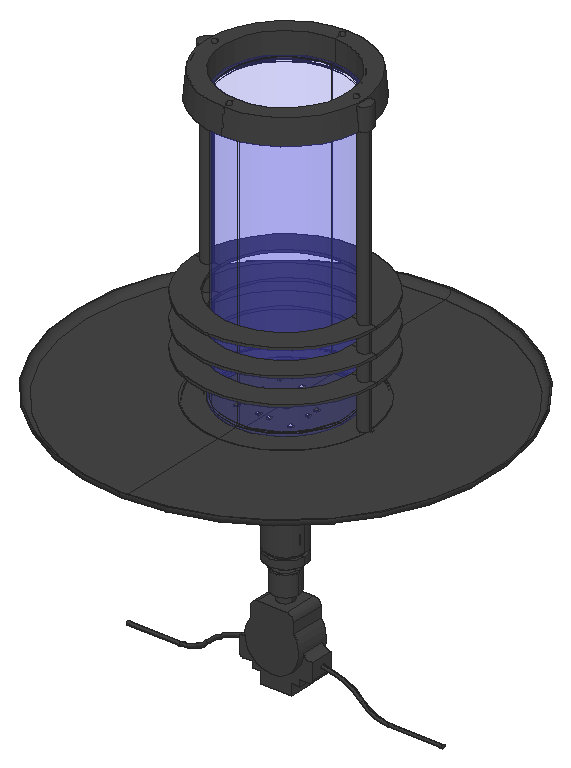
Revit family "Lighting - Current - Slide Catenary1", category Lighting Fixtures, host Face, Revit 2019
Family settings
  Host = Face
  Round Connector Dimension = Use Diameter
  Part Type = Normal
  OmniClass Number = 23.80.70.14
  OmniClass Title = Luminaries for External Lighting
  Cut with Voids When Loaded = No
  Light Source = Yes
  Shared = No
  Room Calculation Point = No
Parameters (values of type "Lighting - Current - Slide Catenary")
  Wattage Comments = "25-112 W"  # constant formula
  Wattage = 9.2903 W
  built-in parameter 1150110 = 1 (stored number, unit not read)
  Voltage Comments = "120-277V"  # constant formula
  Voltage = 277 V
  URL = "https://www.currentlighting.com/aal"
  Type Comments = "Light Fixture"
  built-in parameter 1114217 = 1 (stored number, unit not read)
  Tilt Angle = 0.00°
  built-in parameter 1150109 = 1 (stored number, unit not read)
  built-in parameter 1150134 = 3
  built-in parameter 1150113 = 1 (stored number, unit not read)
  Shade- Straight (STS) [instance] = no
  Product Page URL = "https://www.currentlighting.com/outdoor-lighting/slide-catenary/419896"
  Product Documentation Link = "https://cdn.currentlighting.com/site/specsheet/aal_sld_catenary_spec.pdf"
  Power Factor = 0.9  # constant formula
  Photometry Note = "Please load ies file listed under Photometric Web File for accurate rendering."  # constant formula
  Photometric Web File = "SLD2-CM-4S-NL-80L-90-5K7-5QW-XXX.ies"
  Mounting = "Please Refer to the Product Spec Sheet for Mounting Options"  # constant formula
  Model = "Slide - Catenary"  # constant formula
  Manufacturer Email = "https://www.currentlighting.com/contact-us"
  Manufacturer Address = "701 Millenium Blvd,Greenville, SC"  # constant formula
  Manufacturer = "Current Lighting"  # constant formula
  built-in parameter 1150105 = 109.82 (stored number, unit not read)
  Lumens = 1380 lm
  built-in parameter 1150115 = 1 (stored number, unit not read)
  Load Classification = Lighting
  built-in parameter 1150137 = (empty or 0)
  built-in parameter 1150139 = (empty or 0)
  Lens Material = Glass - Current - Transparent
  Lens = yes
  built-in parameter 1150112 = 1 (stored number, unit not read)
  built-in parameter 1150114 = 1 (stored number, unit not read)
  Lamp = "LED"  # constant formula
  LED = LED - Current -  Yellow
  Installation and Service URL = "https://cdn.currentlighting.com/site/installationmanuals/aal_slide_ins.pdf"
  built-in parameter 1150132 = (empty or 0)
  built-in parameter 1150102 = (empty or 0)
  built-in parameter 1150107 = 3200 (stored number, unit not read)
  built-in parameter 1150138 = (empty or 0)
  built-in parameter 1150106 = 1.0982 (stored number, unit not read)
  Housing Material = Paint - Current - Black
  Shade- Flat (FTS) [instance] = yes
  Features = "Catenary luminiare perfect for plazas, common areas, and walkways\r\n3 different shade options (flat, straight, or curve) as well as the ability to have no shade without affecting the performance\r\nA set of three rings can be included on any luminaire configuration to add visual interest or block direct view of LEDs\r\nChoice of 2 or 4 struts to customize based on the application preference\r\nSlide has been designed to offer configurations with or without a lens."  # constant formula
  built-in parameter 1150104 = 13.8 (stored number, unit not read)
  Distribution Patterns = ""
  Dimming Lamp Color Temperature Shift = <None>
  Dimmimng Protocol = "0-10V, 10%-100%, Dusk to Dawn, Scheduling"  # constant formula
  Description = "Slide catenary mount is the perfect solution for tighter spaces that doesnt allow for individual poles. The Slide can utilize a catenary mount in these applications while still adding great performance and a decorative appeal."  # constant formula
  Default Elevation = 48.000"
  Decorative Rings [instance] = yes
  Shade- Curve (CTS) [instance] = no
  Copyright = "COPYRIGHT © 2022 HLI SOLUTIONS, INC."  # constant formula
  Controller = "Please Refer to the Product Spec Sheet for Control Options"  # constant formula
  Contact Us = "https://www.currentlighting.com/contact-us"
  Color Rendering Index = ""
  Color Filter = 16777215
  built-in parameter 1114218 = 1 (stored number, unit not read)
  built-in parameter 1150133 = 10 (stored number, unit not read)
  Assembly Code = "D5020200"
  Apparent Load = Wattage  # 9.2903 W
  4 Strut [instance] = not([2 Strut])  # no
  2 Strut [instance] = yes
Reference planes (in)
  plane 1 "Center (Front/Back)": y = 0
  plane 2: z = 0
  plane 3 "Center (Left/Right)": x = 0
  plane 4: x = -0.45
  plane 5: x = 0.45
  plane 6: x = -0.57
  plane 7: x = 0.57
  plane 8: z = 0.24
  plane 9: z = -0.76
  plane 10: z = -0.63
  plane 11: x = -0.3
  plane 12: x = 0.3
  plane 13: x = -1
  plane 14: x = 1
  plane 15: z = 0.77
  plane 16: z = 1.15
  plane 17: x = -1.55
  plane 18: x = 1.55
  plane 19: x = -2.11
  plane 20: x = -2.36
  plane 21: z = 1.4
  plane 22: x = 2.11
  plane 23: x = 2.36
  plane 24: z = 2.75
  plane 25: x = 1.75
  plane 26: x = -1.75
  plane 27: z = 2.4
  plane 28: x = 1
  plane 29: x = 2.11
  plane 30: x = 2.36
  plane 31: z = 1.1
  plane 32: y = 0.75
  plane 33: y = -0.75
  plane 34: z = 3.9
  plane 35: z = 4.55
  plane 36: z = 5
  plane 37: x = -1.4
  plane 38: x = 1.4
  plane 39: x = -0.95
  plane 40: x = 0.95
  plane 41: z = 2.85
  plane 42: y = 1.1
  plane 43: y = -1.1
  plane 44: x = -10.25
  plane 45: x = 10.25
  plane 46: x = -5
  plane 47: x = -7
  plane 48: z = 0.75
  plane 49: x = 5
  plane 50: x = 7
  plane 51: x = -0.5
  plane 52: z = 5.5
  plane 53: z = 6.9
  plane 54: x = -0.875
  plane 55: z = 7.4
  plane 56: z = 10.9
  plane 57: x = -1.25
  plane 58: z = 5.55
  plane 59: x = -0.55
  plane 60: z = 6.85
  plane 61: x = -0.825
  plane 62: z = 7.88268
  plane 63: x = -1.05
  plane 64: z = 8.08268
  plane 65: x = -0.75
  plane 66: z = 8.2
  plane 67: z = 16.83
Forms (in)
  Extrusion 1, solid, material "Paint - Current - Black" <- "Housing Material"
    sketch origin (0, 0, 0) x (1, 0, 0) y (0, 0, 1)
      loop
        line (-0.3, -0.76) -> (0.3, -0.76)
        arc (0.3, -0.76) -> (0.39925, -0.72298) -> (0.45, -0.63) r 0.15154
        line (0.45, -0.63) -> (0.45, 0) -> (1, 0) -> (1, 0.77) -> (1.55, 0.77) -> (1.55, 1.15) -> (2.11, 1.15)
        arc (2.11, 1.15) -> (2.28678, 1.22322) -> (2.36, 1.4) r 0.25
        line (2.36, 1.4) -> (2.36, 2.4)
        arc (2.36, 2.4) -> (2.0097, 2.49605) -> (1.75, 2.75) r 0.72472
        arc (1.75, 2.75) -> (1.20338, 1.57672) -> (0, 1.1) r 1.75
        arc (0, 1.1) -> (-1.20338, 1.57672) -> (-1.75, 2.75) r 1.75
        arc (-1.75, 2.75) -> (-2.0097, 2.49605) -> (-2.36, 2.4) r 0.72472
        line (-2.36, 2.4) -> (-2.36, 1.4)
        arc (-2.36, 1.4) -> (-2.28678, 1.22322) -> (-2.11, 1.15) r 0.25
        line (-2.11, 1.15) -> (-1.55, 1.15) -> (-1.55, 0.77) -> (-1, 0.77) -> (-1, 0) -> (-0.45, 0) -> (-0.45, -0.63)
        arc (-0.45, -0.63) -> (-0.39925, -0.72298) -> (-0.3, -0.76) r 0.15154
    from -0.75 to 0.75
  Extrusion 2, solid, material "Paint - Current - Black" <- "Housing Material"
    sketch origin (0, 0, 0) x (1, 0, 0) y (0, 0, 1)
      loop
        arc (-1.4, 3.9) -> (0, 1.1) -> (1.4, 3.9) r 1.75
        line (1.4, 3.9) -> (1.4, 4.55)
        arc (1.4, 4.55) -> (1.2682, 4.8682) -> (0.95, 5) r 0.45
        line (0.95, 5) -> (-0.95, 5)
        arc (-0.95, 5) -> (-1.2682, 4.8682) -> (-1.4, 4.55) r 0.45
        line (-1.4, 4.55) -> (-1.4, 3.9)
    from -1.1 to 1.1
  Extrusion 3, void
    sketch origin (0, 0, 0) x (1, 0, 0) y (0, 1, 0)
      loop
        line (-0.45, 0.75) -> (-0.45, -0.75) -> (0.45, -0.75) -> (0.45, 0.75) -> (-0.45, 0.75)
    from -0.76 to 0
  Sweep 4, solid, material "Paint - Current - Black" <- "Housing Material"
    path origin (0, 0, 0) x (1, 0, 0) y (0, 0, 1)
      loop
        line (10.25, 0) -> (6.76689, 0)
        arc (6.76689, 0) -> (5.80957, 0.20097) -> (5, 0.75) r 2.53057
        arc (5, 0.75) -> (3.79046, 1.57859) -> (2.36, 1.9) r 3.88558
        line (2.36, 1.9) -> (-2.36, 1.9)
        arc (-2.36, 1.9) -> (-3.79046, 1.57859) -> (-5, 0.75) r 3.88558
        arc (-5, 0.75) -> (-5.80957, 0.20097) -> (-6.76689, 0) r 2.53057
        line (-6.76689, 0) -> (-10.25, 0)
    profile origin (-3.79046, 0, 1.57859) x (0.399361, 0, -0.916794) y (0, -1, 0)
      loop
        circle (0, 0) r 0.1
  Revolve 5, solid, material "Paint - Current - Black" <- "Housing Material"
    sketch origin (0, 0, 0) x (1, 0, 0) y (0, 0, 1)
      loop
        line (-0.5, 5) -> (0, 5) -> (0, 8.2) -> (-0.75, 8.2) -> (-0.75, 10.9) -> (-1.25, 10.9) -> (-1.25, 8.08268) -> (-1.05, 7.88268) -> (-1.25, 7.88268) -> (-1.25, 7.4) -> (-0.45, 7.4) -> (-0.45, 6.9) -> (-0.825, 6.9)
        arc (-0.825, 6.9) -> (-0.86036, 6.88536) -> (-0.875, 6.85) r 0.05
        line (-0.875, 6.85) -> (-0.875, 5.55) -> (-0.55, 5.55)
        arc (-0.55, 5.55) -> (-0.51464, 5.53536) -> (-0.5, 5.5) r 0.05
        line (-0.5, 5.5) -> (-0.5, 5)
      axis (0, 10.9) -> (0, 5)
    angle from 0 to 360
Cuts and joins
  Extrusion 3 cuts Extrusion 1
  Extrusion 3 cuts Extrusion 2
Dimensions and locks (in)
  equal spacing: plane 5, plane 3 "Center (Left/Right)", plane 4
  locked: plane 5 to plane 4 at 0.9
  equal spacing: plane 7, plane 3 "Center (Left/Right)", plane 6
  locked: plane 7 to plane 6 at 1.14
  locked: plane 8 to host face at 0.24
  locked: host face to plane 9 at 0.76
  locked: host face to plane 10 at 0.63
  equal spacing: plane 12, plane 3 "Center (Left/Right)", plane 11
  locked: plane 12 to plane 11 at 0.6
  equal spacing: plane 14, plane 3 "Center (Left/Right)", plane 13
  locked: plane 14 to plane 13 at 2
  locked: plane 15 to host face at 0.77
  locked: plane 16 to plane 15 at 0.38
  equal spacing: plane 18, plane 3 "Center (Left/Right)", plane 17
  locked: plane 18 to plane 17 at 3.1
  locked: plane 21 to plane 16 at 0.25
  locked: plane 19 to plane 20 at 0.25
  locked: plane 17 to plane 19 at 0.56
  locked: plane 23 to plane 22 at 0.25
  locked: plane 22 to plane 18 at 0.56
  locked: plane 24 to host face at 2.75
  locked: plane 25 to plane 3 "Center (Left/Right)" at 1.75
  locked: plane 3 "Center (Left/Right)" to plane 26 at 1.75
  locked: plane 27 to host face at 2.4
  locked: plane 31 to host face at 1.1
  equal spacing: plane 32, plane 1 "Center (Front/Back)", plane 33
  locked: plane 32 to plane 33 at 1.5
  locked: plane 36 to host face at 5
  locked: plane 35 to host face at 4.55
  locked: plane 34 to host face at 3.9
  equal spacing: plane 38, plane 3 "Center (Left/Right)", plane 37
  locked: plane 38 to plane 37 at 2.8
  equal spacing: plane 40, plane 3 "Center (Left/Right)", plane 39
  locked: plane 40 to plane 39 at 1.9
  locked: plane 34 to plane 41 at 1.05
  equal spacing: plane 42, plane 1 "Center (Front/Back)", plane 43
  locked: plane 42 to plane 43 at 2.2
  equal spacing: plane 45, plane 3 "Center (Left/Right)", plane 44
  locked: plane 45 to plane 44 at 20.5
  locked: plane 48 to host face at 0.75
  plane 50 to plane 47 = 14.000"
  equal spacing: plane 47, plane 3 "Center (Left/Right)", plane 50
  equal spacing: plane 49, plane 3 "Center (Left/Right)", plane 46
  locked: plane 49 to plane 46 at 10
  locked: plane 3 "Center (Left/Right)" to plane 57 at 1.25
  locked: plane 3 "Center (Left/Right)" to plane 54 at 0.875
  locked: plane 3 "Center (Left/Right)" to plane 51 at 0.5
  locked: plane 52 to host face at 5.5
  locked: plane 53 to host face at 6.9
  locked: plane 56 to host face at 10.9
  locked: plane 58 to plane 52 at 0.05
  locked: plane 51 to plane 59 at 0.05
  locked: plane 53 to plane 60 at 0.05
  locked: plane 61 to plane 54 at 0.05
  locked: plane 64 to plane 62 at 0.2
  locked: plane 63 to plane 57 at 0.2
  locked: plane 3 "Center (Left/Right)" to plane 65 at 0.75
  locked: plane 56 to plane 66 at 2.7
  locked: plane 67 to host face at 16.83
  aligned and locked: plane 2 to host face
  aligned and locked: level to host face
  aligned and locked: Extrusion 1 sketch curve to plane 9
  aligned and locked: plane 12 to Extrusion 1 sketch curve
  aligned and locked: plane 10 to Extrusion 1 sketch curve  (x2)
  aligned and locked: plane 5 to Extrusion 1 sketch curve
  aligned and locked: plane 11 to Extrusion 1 sketch curve
  aligned and locked: plane 4 to Extrusion 1 sketch curve
  aligned and locked: Extrusion 1 sketch curve to plane 4
  aligned and locked: Extrusion 1 sketch curve to plane 5
  aligned and locked: host face to Extrusion 1 sketch curve
  aligned and locked: Extrusion 1 sketch curve to host face
  aligned and locked: plane 28 to Extrusion 1 sketch curve
  aligned and locked: plane 13 to Extrusion 1 sketch curve
  aligned and locked: plane 15 to Extrusion 1 sketch curve
  aligned and locked: Extrusion 1 sketch curve to plane 15
  aligned and locked: plane 18 to Extrusion 1 sketch curve
  aligned and locked: plane 17 to Extrusion 1 sketch curve
  aligned and locked: plane 16 to Extrusion 1 sketch curve  (x2)
  aligned and locked: Extrusion 1 sketch curve to plane 16
  aligned and locked: Extrusion 1 sketch curve to plane 30
  aligned and locked: plane 21 to Extrusion 1 sketch curve
  aligned and locked: plane 29 to Extrusion 1 sketch curve
  aligned and locked: plane 27 to Extrusion 1 sketch curve  (x2)
  aligned and locked: plane 26 to Extrusion 1 sketch curve
  aligned and locked: plane 20 to Extrusion 1 sketch curve  (x2)
  aligned and locked: plane 19 to Extrusion 1 sketch curve
  aligned and locked: plane 24 to Extrusion 1 sketch curve  (x2)
  aligned and locked: plane 25 to Extrusion 1 sketch curve
  aligned and locked: plane 3 "Center (Left/Right)" to Extrusion 1 sketch curve
  aligned and locked: plane 31 to Extrusion 1 sketch curve
  aligned and locked: Extrusion 1 to plane 32
  aligned and locked: plane 33 to Extrusion 1
  aligned and locked: plane 39 to Extrusion 2 sketch curve
  aligned and locked: plane 35 to Extrusion 2 sketch curve  (x2)
  aligned and locked: plane 37 to Extrusion 2 sketch curve  (x2)
  aligned and locked: Extrusion 2 sketch curve to plane 36
  aligned and locked: plane 38 to Extrusion 2 sketch curve  (x2)
  aligned and locked: plane 36 to Extrusion 2 sketch curve
  aligned and locked: plane 40 to Extrusion 2 sketch curve
  aligned and locked: plane 3 "Center (Left/Right)" to Extrusion 2 sketch curve
  aligned and locked: plane 41 to Extrusion 2 sketch curve
  aligned and locked: Extrusion 2 to plane 42
  aligned and locked: plane 43 to Extrusion 2
  aligned and locked: plane 4 to Extrusion 3 sketch curve
  aligned and locked: plane 32 to Extrusion 3 sketch curve
  aligned and locked: Extrusion 3 sketch curve to plane 5
  aligned and locked: Extrusion 3 sketch curve to plane 33
  aligned and locked: Extrusion 3 to Extrusion 1
  aligned and locked: level to Extrusion 3
  aligned and locked: plane 48 to Sweep 4 sketch curve  (x2)
  aligned and locked: plane 49 to Sweep 4 sketch curve
  aligned and locked: plane 46 to Sweep 4 sketch curve
  aligned and locked: host face to Sweep 4 sketch curve  (x2)
  aligned and locked: plane 45 to Sweep 4 sketch curve
  aligned and locked: plane 44 to Sweep 4 sketch curve
  aligned and locked: plane 51 to Revolve 5 sketch curve  (x2)
  aligned and locked: plane 59 to Revolve 5 sketch curve
  aligned and locked: plane 58 to Revolve 5 sketch curve
  aligned and locked: plane 52 to Revolve 5 sketch curve
  aligned and locked: plane 60 to Revolve 5 sketch curve
  aligned and locked: plane 61 to Revolve 5 sketch curve
  aligned and locked: plane 53 to Revolve 5 sketch curve
  aligned and locked: plane 54 to Revolve 5 sketch curve
  aligned and locked: plane 4 to Revolve 5 sketch curve
  aligned and locked: plane 55 to Revolve 5 sketch curve
  aligned and locked: Revolve 5 sketch curve to plane 62
  aligned and locked: plane 63 to Revolve 5 sketch curve
  aligned and locked: plane 64 to Revolve 5 sketch curve
  aligned and locked: plane 57 to Revolve 5 sketch curve  (x2)
  aligned and locked: Revolve 5 sketch curve to plane 56
  aligned and locked: Revolve 5 sketch curve to plane 65
  aligned and locked: Revolve 5 sketch curve to plane 3 "Center (Left/Right)"  (x2)
  aligned and locked: Revolve 5 sketch curve to plane 66
  aligned and locked: plane 3 "Center (Left/Right)" to imposter light
  aligned and locked: imposter light to plane 1 "Center (Front/Back)"
  aligned and locked: imposter light to plane 67
  aligned and locked: nested 1 to plane 1 "Center (Front/Back)"
  aligned and locked: nested 1 to imposter light
Automatic sketch dimensions
  host sketch curve to host sketch curve = 96.000"  (x2)
  Extrusion 1 sketch curve to plane 20 = 0.01037"
  Extrusion 1 sketch curve to plane 3 "Center (Left/Right)" = 0.00286"
  plane 3 "Center (Left/Right)" to Extrusion 1 sketch curve = 0.00286"
  plane 23 to Extrusion 1 sketch curve = 0.01037"
  Extrusion 2 sketch curve to plane 34 = 0.000"
  Sweep 4 sketch curve to plane 46 = 0.000"
  Sweep 4 sketch curve to plane 48 = 0.000"
  plane 47 to Sweep 4 sketch curve = 0.20165"
  plane 47 to Sweep 4 sketch curve = 0.23311"
  Sweep 4 sketch curve to plane 4 = 1.910"
  Sweep 4 sketch curve to plane 4 = 1.78872"
  plane 5 to Sweep 4 sketch curve = 1.78872"
  plane 5 to Sweep 4 sketch curve = 1.910"
  plane 50 to Sweep 4 sketch curve = 0.23311"
  Sweep 4 sketch curve to plane 1 "Center (Front/Back)" = 0.000"
  Sweep 4 sketch curve to profile plane = 0.000"
  Revolve 5 sketch curve to plane 57 = 0.000"
  Revolve 5 sketch curve to plane 56 = 0.000"
  Revolve 5 sketch curve to Revolve 5 sketch curve = 0.95266"
  Revolve 5 sketch curve to plane 52 = 0.500"
  radius of Sweep 4 sketch curve = 0.100"
Nested families (in)
  nested 1: "Lighting - Current - Slide" at (0, 0, 8.2) x (-1, 0, 0) z (0, 0, 1), 2 STRUT <- "2 Strut", 4 STRUT <- "4 Strut", 3 DECORATIVE RINGS <- "Decorative Rings", STRAIGHT (STS) <- "Shade- Straight (STS)", CURVE (CTS) <- "Shade- Curve (CTS)", Flat (FTS) <- "Shade- Flat (FTS)", type "Lighting - Current - Slide"
    with STRAIGHT (STS) no, Flat (FTS) yes, CURVE (CTS) no, 4 STRUT no, 3 DECORATIVE RINGS yes, 2 STRUT yes
Connectors (in)
  electrical at (0, 0, 11.4), driven by "Load Classification", driven by "Voltage", driven by "Apparent Load", driven by "Power Factor"
    settings: on nested 1, index 1, voltage 277 V, apparent load 9.2903 W, apparent load phase1 0 W, apparent load phase2 0 W, apparent load phase3 0 W, power factor 0.9, load classification "Lighting", number of poles 1, system type 30, power factor state 1, is connector primary yes, connector utility no, sub classification motor no, connector description ""
Definition of nested family "Lighting - Current - Slide"
  Parameters (values of type "Lighting - Current - Slide")
    STRAIGHT (STS) [instance] = yes
    Flat (FTS) [instance] = yes
    Lens Material = none
    Lens = yes
    LED = none
    Housing Material = none
    Default Elevation = 48.000"
    CURVE (CTS) [instance] = no
    B = 90.00°
    A = -90.00°
    4 STRUT [instance] = no
    3 DECORATIVE RINGS [instance] = yes
    2 STRUT [instance] = yes
  Reference planes (in)
    plane 1 "Center (Front/Back)": y = 0
    plane 2: z = 0
    plane 3 "Center (Left/Right)": x = 0
    plane 4: y = 0.7
    plane 5: z = 2.8
    plane 6: y = 0.75
    plane 7: y = 0.88
    plane 8: z = 2.93
    plane 9: y = 1.58
    plane 10: z = 3.2
    plane 11: y = 1.58967
    plane 12: y = 3.28967
    plane 13: z = 4.03
    plane 14: y = 3.88967
    plane 15: z = 6.38
    plane 16: y = 4.10967
    plane 17: y = 4.35967
    plane 18: z = 6.78
    plane 19: y = 5.25967
    plane 20: z = 7.48
    plane 21: y = 5.425
    plane 22: z = 8.48
    plane 23: y = 4
    plane 24: y = 4.1
    plane 25: y = 4.2
    plane 26: z = 8.28
    plane 27: z = 8.18
    plane 28: z = 8.38
    plane 29: y = 4.2
    plane 30: y = 4
    plane 31: y = 3.84872
    plane 32: z = 8.38
    plane 33: z = 8.28
    plane 34: z = 25.88
    plane 35: z = 8.63
    plane 36: y = 3.74872
    plane 37: y = 5.2
    plane 38: z = 27.75
    plane 39: z = 27.6
    plane 40: y = 5.05
    plane 41: z = 26
    plane 42: y = 4
    plane 43: z = 26.3
    plane 44: z = 26.2
    plane 45: z = 26.1
    plane 46: y = 4.1
    plane 47: y = 4
    plane 48: z = 26.1
    plane 49: z = 26.2
    plane 50: y = 4.15108
    plane 51: y = 4.6
    plane 52: y = 4.75
    plane 53: z = 8.08
    plane 54: y = 1.85
    plane 55: y = 1.65
    plane 56: y = 1.15
    plane 57: y = 0.95
    plane 58: y = 0.45
    plane 59: y = 0.25
    plane 60: y = -1.85
    plane 61: y = -1.65
    plane 62: y = -1.15
    plane 63: y = -0.95
    plane 64: y = -0.45
    plane 65: y = -0.25
    plane 66: x = -1.85
    plane 67: x = -1.65
    plane 68: x = -1.15
    plane 69: x = -0.95
    plane 70: x = -0.45
    plane 71: x = -0.25
    plane 72: x = 1.85
    plane 73: x = 1.65
    plane 74: x = 1.15
    plane 75: x = 0.95
    plane 76: x = 0.45
    plane 77: x = 0.25
    plane 78: z = 8.25
    plane 79: x = -5.625
    plane 80: z = 7.48
    plane 81: z = 7.66
    plane 82: x = -5.55
    plane 83: x = -5.25967
    plane 84: z = 8.44
    plane 85: x = -5.42334
    plane 86: y = 5.625
    plane 87: z = 26.05
    plane 88: z = 27.55
    plane 89: y = 5.05402
    plane 90: y = 5.19481
    plane 91: z = 27.45
    plane 92: x = -5.40307
    plane 93: y = 5.625
    plane 94: z = 7.48
    plane 95: z = 7.66
    plane 96: y = 5.55
    plane 97: y = 5.25967
    plane 98: z = 8.44
    plane 99: y = 5.42334
    plane 100: y = 5.40307
    plane 101: y = -5.625
    plane 102: z = 7.48
    plane 103: z = 7.66
    plane 104: y = -5.55
    plane 105: y = -5.25967
    plane 106: z = 8.44
    plane 107: y = -5.42334
    plane 108: y = -5.40307
    plane 109: x = 5.625
    plane 110: z = 7.48
    plane 111: z = 7.66
    plane 112: x = 5.55
    plane 113: x = 5.25967
    plane 114: z = 8.44
    plane 115: x = 5.42334
    plane 116: x = 5.40307
    plane 117: x = 5.625
    plane 118: z = 26.05
    plane 119: z = 27.55
    plane 120: x = 5.05402
    plane 121: x = 5.19481
    plane 122: z = 27.45
    plane 123: x = -5.625
    plane 124: z = 26.05
    plane 125: z = 27.55
    plane 126: x = -5.05402
    plane 127: x = -5.19481
    plane 128: z = 27.45
    plane 129: y = -5.625
    plane 130: z = 26.05
    plane 131: z = 27.55
    plane 132: y = -5.05402
    plane 133: y = -5.19481
    plane 134: z = 27.45
    plane 135: z = 26.82
    plane 136: x = 5.1
    plane 137: x = 5.4636
    plane 138: z = 26.82
    plane 139: y = -5.1
    plane 140: y = -5.4636
    plane 141: z = 26.82
    plane 142: y = 5.1
    plane 143: y = 5.4636
    plane 144: z = 26.82
    plane 145: x = -5.1
    plane 146: x = -5.4636
    plane 147: x = 5.1
    plane 148: z = 26.82
    plane 149: x = 5.4636
    plane 150: x = -5.1
    plane 151: z = 26.82
    plane 152: x = -5.4636
    plane 153: z = 11.25
    plane 154: z = 11.4
    plane 155: z = 12.9
    plane 156: z = 13.05
    plane 157: z = 14.55
    plane 158: z = 14.7
    plane 159: x = -4.3
    plane 160: x = -5.9
    plane 161: x = -13.5
    plane 162: z = 10.8
    plane 163: x = -13
    plane 164: z = 10.3
    plane 165: z = 9.8
    plane 166: z = 8.43
    plane 167: x = -5.3
    plane 168: x = -6
    plane 169: y = 13.5
    plane 170: y = 13
    plane 171: z = 10.29589
    plane 172: z = 10.8
    plane 173: z = 9.8
    plane 174: y = 6
    plane 175: z = 8.43
    plane 176: y = 5.29705
    plane 177: z = 8.43
    plane 178: y = -13.5
    plane 179: y = -5.3
    plane 180: y = -13
    plane 181: z = 8.93
  Forms (in)
    Extrusion 1, solid
      sketch origin (0, 0, 0) x (1, 0, 0) y (0, 1, 0)
        loop
          line (-48, 48) -> (-48, -48) -> (48, -48) -> (48, 48) -> (-48, 48)
      from 0 to -12
    Revolve 2, solid, material <- "Housing Material"
      sketch origin (0, 0, 0) x (0, 1, 0) y (0, 0, 1)
        loop
          line (0.75, 2.8) -> (0.88, 2.93) -> (1.58, 2.93) -> (1.58967, 3.2) -> (3.28967, 3.2) -> (3.28967, 4.03) -> (3.88967, 4.03) -> (4.10967, 6.38)
          arc (4.10967, 6.38) -> (4.18729, 6.60961) -> (4.35967, 6.78) r 0.52569
          arc (4.35967, 6.78) -> (4.82966, 7.1043) -> (5.25967, 7.48) r 5.00722
          line (5.25967, 7.48) -> (5.425, 8.48) -> (4, 8.48) -> (4, 8.38) -> (4.2, 8.38) -> (4.2, 8.28) -> (4, 8.28) -> (4, 8.18) -> (0, 8.18) -> (0, 8.08) -> (4.35967, 8.08) -> (4.35967, 8.38) -> (5.30711, 8.38) -> (5.16637, 7.52874)
          arc (5.16637, 7.52874) -> (4.75541, 7.17327) -> (4.30766, 6.86541) r 4.90722
          arc (4.30766, 6.86541) -> (4.10249, 6.66261) -> (4.0101, 6.38932) r 0.62569
          line (4.0101, 6.38932) -> (3.79859, 4.13) -> (3.18967, 4.13) -> (3.18967, 3.3) -> (1.49319, 3.3) -> (1.48352, 3.03) -> (0.83858, 3.03) -> (0.65, 2.84142) -> (0.65, 0.1) -> (0, 0.1) -> (0, 0) -> (0.75, 0) -> (0.75, 2.8)
        axis (0, 0) -> (0, 8.48)
      angle from 0 to 360
    Revolve 3, solid, material <- "Lens Material", visible <- "Lens"
      sketch origin (0, 0, 0) x (0, 1, 0) y (0, 0, 1)
        loop
          line (4.2, 8.28) -> (4.2, 8.38) -> (4, 8.38) -> (4, 8.63) -> (3.84872, 8.63) -> (3.84872, 25.88) -> (4, 25.88) -> (4, 26.1) -> (4.15108, 26.1) -> (4.15108, 26.2) -> (3.74872, 26.2) -> (3.74872, 8.28) -> (4.2, 8.28)
        axis (0, 8.28) -> (0, 26.2)
      angle from 0 to 360
    Revolve 4, solid, material <- "Housing Material"
      sketch origin (0, 0, 0) x (0, 1, 0) y (0, 0, 1)
        loop
          line (4.1, 27.5) -> (4.1, 26.3) -> (4.25, 26.3) -> (4.25, 26.1) -> (5.09019, 26.1) -> (4.95894, 27.5) -> (4.1, 27.5)
        loop
          line (4, 27.6) -> (4, 26.2) -> (4.15, 26.2) -> (4.15, 26.1) -> (4, 26.1) -> (4, 26) -> (5.2, 26) -> (5.05, 27.6) -> (4, 27.6)
        axis (0, 26) -> (0, 27.6)
      angle from 0 to 360
    Revolve 5, solid, material <- "Housing Material"
      sketch origin (0, 0, 0) x (0, 1, 0) y (0, 0, 1)
        loop
          arc (4.75, 27.6) -> (4.70607, 27.70607) -> (4.6, 27.75) r 0.15
          line (4.6, 27.75) -> (4.6, 27.6) -> (4.75, 27.6)
        axis (4.6, 27.6) -> (4.6, 27.75)
      angle from 0 to 360
    Revolve 6, solid, material <- "Housing Material"
      sketch origin (0, 0, 0) x (1, 0, 0) y (0, 0, 1)
        loop
          arc (4.75, 27.6) -> (4.70607, 27.70607) -> (4.6, 27.75) r 0.15
          line (4.6, 27.75) -> (4.6, 27.6) -> (4.75, 27.6)
        axis (4.6, 27.6) -> (4.6, 27.75)
      angle from 0 to 360
    Revolve 7, solid, material <- "Housing Material"
      sketch origin (0, 0, 0) x (-1, 0, 0) y (0, 0, 1)
        loop
          arc (4.75, 27.6) -> (4.70607, 27.70607) -> (4.6, 27.75) r 0.15
          line (4.6, 27.75) -> (4.6, 27.6) -> (4.75, 27.6)
        axis (4.6, 27.6) -> (4.6, 27.75)
      angle from 0 to 360
    Revolve 8, solid, material <- "Housing Material"
      sketch origin (0, 0, 0) x (0, -1, 0) y (0, 0, 1)
        loop
          arc (4.75, 27.6) -> (4.70607, 27.70607) -> (4.6, 27.75) r 0.15
          line (4.6, 27.75) -> (4.6, 27.6) -> (4.75, 27.6)
        axis (4.6, 27.6) -> (4.6, 27.75)
      angle from 0 to 360
    Extrusion 9, solid, material <- "LED"
      sketch origin (0, 0, 0) x (1, 0, 0) y (0, 1, 0)
        loop
          line (-1.85, 1.85) -> (-1.85, 1.65) -> (-1.65, 1.65) -> (-1.65, 1.85) -> (-1.85, 1.85)
        loop
          line (-0.45, 1.85) -> (-0.45, 1.65) -> (-0.25, 1.65) -> (-0.25, 1.85) -> (-0.45, 1.85)
        loop
          line (0.25, 1.85) -> (0.25, 1.65) -> (0.45, 1.65) -> (0.45, 1.85) -> (0.25, 1.85)
        loop
          line (1.65, 1.85) -> (1.65, 1.65) -> (1.85, 1.65) -> (1.85, 1.85) -> (1.65, 1.85)
        loop
          line (1.85, 0.25) -> (1.85, 0.45) -> (1.65, 0.45) -> (1.65, 0.25) -> (1.85, 0.25)
        loop
          line (1.85, -0.45) -> (1.85, -0.25) -> (1.65, -0.25) -> (1.65, -0.45) -> (1.85, -0.45)
        loop
          line (1.85, -1.85) -> (1.85, -1.65) -> (1.65, -1.65) -> (1.65, -1.85) -> (1.85, -1.85)
        loop
          line (0.45, -1.85) -> (0.45, -1.65) -> (0.25, -1.65) -> (0.25, -1.85) -> (0.45, -1.85)
        loop
          line (-0.25, -1.85) -> (-0.25, -1.65) -> (-0.45, -1.65) -> (-0.45, -1.85) -> (-0.25, -1.85)
        loop
          line (-1.65, -1.85) -> (-1.65, -1.65) -> (-1.85, -1.65) -> (-1.85, -1.85) -> (-1.65, -1.85)
        loop
          line (-1.85, -0.45) -> (-1.65, -0.45) -> (-1.65, -0.25) -> (-1.85, -0.25) -> (-1.85, -0.45)
        loop
          line (-1.65, 0.25) -> (-1.65, 0.45) -> (-1.85, 0.45) -> (-1.85, 0.25) -> (-1.65, 0.25)
        loop
          line (0.45, 0.45) -> (0.25, 0.45) -> (0.25, 0.25) -> (0.45, 0.25) -> (0.45, 0.45)
        loop
          line (-0.25, 0.25) -> (-0.25, 0.45) -> (-0.45, 0.45) -> (-0.45, 0.25) -> (-0.25, 0.25)
        loop
          line (-0.45, -0.25) -> (-0.45, -0.45) -> (-0.25, -0.45) -> (-0.25, -0.25) -> (-0.45, -0.25)
        loop
          line (0.25, -0.25) -> (0.25, -0.45) -> (0.45, -0.45) -> (0.45, -0.25) -> (0.25, -0.25)
      from 8.18 to 8.25
    Revolve 10, solid, material <- "Housing Material"
      sketch origin (0, 0, 0) x (-1, 0, 0) y (0, 0, 1)
        loop
          line (5.55, 7.66) -> (5.62134, 8.44) -> (5.40307, 8.44) -> (5.25868, 7.48006)
          arc (5.25868, 7.48006) -> (5.43301, 7.52361) -> (5.55, 7.66) r 0.29588
        axis (5.16637, 7.48006) -> (5.16637, 8.44)
      angle from 90 <- "B" to -90 <- "A"
    Revolve 11, solid, material <- "Housing Material", visible <- "4 STRUT"
      sketch origin (0, 0, 0) x (0, 1, 0) y (0, 0, 1)
        loop
          line (5.19481, 26.05) -> (5.625, 26.05) -> (5.625, 27.45)
          arc (5.625, 27.45) -> (5.34433, 27.52754) -> (5.05402, 27.55) r 1.51648
          line (5.05402, 27.55) -> (5.19481, 26.05)
        axis (5.05402, 27.55) -> (5.05402, 26.05)
      angle from 90 <- "B" to -90 <- "A"
    Revolve 12, solid, material <- "Housing Material", visible <- "4 STRUT"
      sketch origin (0, 0, 0) x (0, 1, 0) y (0, 0, 1)
        loop
          line (5.55, 7.66) -> (5.62134, 8.44) -> (5.40307, 8.44) -> (5.25868, 7.48006)
          arc (5.25868, 7.48006) -> (5.43301, 7.52361) -> (5.55, 7.66) r 0.29588
        axis (5.16637, 7.48006) -> (5.16637, 8.44)
      angle from 90 <- "B" to -90 <- "A"
    Revolve 13, solid, material <- "Housing Material", visible <- "4 STRUT"
      sketch origin (0, 0, 0) x (0, -1, 0) y (0, 0, 1)
        loop
          line (5.55, 7.66) -> (5.62134, 8.44) -> (5.40307, 8.44) -> (5.25868, 7.48006)
          arc (5.25868, 7.48006) -> (5.43301, 7.52361) -> (5.55, 7.66) r 0.29588
        axis (5.16637, 7.48006) -> (5.16637, 8.44)
      angle from 90 <- "B" to -90 <- "A"
    Revolve 14, solid, material <- "Housing Material"
      sketch origin (0, 0, 0) x (1, 0, 0) y (0, 0, 1)
        loop
          line (5.55, 7.66) -> (5.62134, 8.44) -> (5.40307, 8.44) -> (5.25868, 7.48006)
          arc (5.25868, 7.48006) -> (5.43301, 7.52361) -> (5.55, 7.66) r 0.29588
        axis (5.16637, 7.48006) -> (5.16637, 8.44)
      angle from 90 <- "B" to -90 <- "A"
    Revolve 15, solid, material <- "Housing Material"
      sketch origin (0, 0, 0) x (1, 0, 0) y (0, 0, 1)
        loop
          line (5.19481, 26.05) -> (5.625, 26.05) -> (5.625, 27.45)
          arc (5.625, 27.45) -> (5.34433, 27.52754) -> (5.05402, 27.55) r 1.51648
          line (5.05402, 27.55) -> (5.19481, 26.05)
        axis (5.05402, 27.55) -> (5.05402, 26.05)
      angle from 90 <- "B" to -90 <- "A"
    Revolve 16, solid, material <- "Housing Material"
      sketch origin (0, 0, 0) x (-1, 0, 0) y (0, 0, 1)
        loop
          line (5.19481, 26.05) -> (5.625, 26.05) -> (5.625, 27.45)
          arc (5.625, 27.45) -> (5.34433, 27.52754) -> (5.05402, 27.55) r 1.51648
          line (5.05402, 27.55) -> (5.19481, 26.05)
        axis (5.05402, 27.55) -> (5.05402, 26.05)
      angle from 90 <- "B" to -90 <- "A"
    Revolve 17, solid, material <- "Housing Material", visible <- "4 STRUT"
      sketch origin (0, 0, 0) x (0, -1, 0) y (0, 0, 1)
        loop
          line (5.19481, 26.05) -> (5.625, 26.05) -> (5.625, 27.45)
          arc (5.625, 27.45) -> (5.34433, 27.52754) -> (5.05402, 27.55) r 1.51648
          line (5.05402, 27.55) -> (5.19481, 26.05)
        axis (5.05402, 27.55) -> (5.05402, 26.05)
      angle from 90 <- "B" to -90 <- "A"
    Revolve 18, solid, material <- "Housing Material", visible <- "4 STRUT"
      sketch origin (0, 0, 0) x (1, 0, 0) y (0, 0, 1)
        loop
          line (5.1, 8.25) -> (5.4636, 8.25) -> (5.4636, 26.82) -> (5.1, 26.82) -> (5.1, 8.25)
        axis (5.1, 8.25) -> (5.1, 26.82)
      angle from 0 to 360
    Revolve 19, solid, material <- "Housing Material", visible <- "4 STRUT"
      sketch origin (0, 0, 0) x (0, -1, 0) y (0, 0, 1)
        loop
          line (5.1, 8.25) -> (5.4636, 8.25) -> (5.4636, 26.82) -> (5.1, 26.82) -> (5.1, 8.25)
        axis (5.1, 8.25) -> (5.1, 26.82)
      angle from 0 to 360
    Revolve 20, solid, material <- "Housing Material", visible <- "4 STRUT"
      sketch origin (0, 0, 0) x (0, 1, 0) y (0, 0, 1)
        loop
          line (5.1, 8.25) -> (5.4636, 8.25) -> (5.4636, 26.82) -> (5.1, 26.82) -> (5.1, 8.25)
        axis (5.1, 8.25) -> (5.1, 26.82)
      angle from 0 to 360
    Revolve 21, solid, material <- "Housing Material", visible <- "4 STRUT"
      sketch origin (0, 0, 0) x (-1, 0, 0) y (0, 0, 1)
        loop
          line (5.1, 8.25) -> (5.4636, 8.25) -> (5.4636, 26.82) -> (5.1, 26.82) -> (5.1, 8.25)
        axis (5.1, 8.25) -> (5.1, 26.82)
      angle from 0 to 360
    Revolve 22, solid, material <- "Housing Material", visible <- "2 STRUT"
      sketch origin (0, 0, 0) x (1, 0, 0) y (0, 0, 1)
        loop
          line (5.1, 26.82) -> (5.1, 8.25) -> (5.4636, 8.25) -> (5.4636, 26.82) -> (5.1, 26.82)
        axis (5.1, 8.25) -> (5.1, 26.82)
      angle from 0 to 360
    Revolve 23, solid, material <- "Housing Material", visible <- "2 STRUT"
      sketch origin (0, 0, 0) x (-1, 0, 0) y (0, 0, 1)
        loop
          line (5.1, 26.82) -> (5.1, 8.25) -> (5.4636, 8.25) -> (5.4636, 26.82) -> (5.1, 26.82)
        axis (5.1, 8.25) -> (5.1, 26.82)
      angle from 0 to 360
    Revolve 24, solid, material <- "Housing Material", visible <- "3 DECORATIVE RINGS"
      sketch origin (0, 0, 0) x (1, 0, 0) y (0, 0, 1)
        loop
          line (-4.3, 14.7) -> (-5.9, 14.7) -> (-5.9, 14.55) -> (-4.3, 14.55) -> (-4.3, 14.7)
        loop
          line (-4.3, 13.05) -> (-5.9, 13.05) -> (-5.9, 12.9) -> (-4.3, 12.9) -> (-4.3, 13.05)
        loop
          line (-4.3, 11.4) -> (-5.9, 11.4) -> (-5.9, 11.25) -> (-4.3, 11.25) -> (-4.3, 11.4)
        axis (0, 11.25) -> (0, 14.7)
      angle from 0 to 360
    Revolve 25, solid, material <- "Housing Material", visible <- "CURVE (CTS)"
      sketch origin (0, 0, 0) x (1, 0, 0) y (0, 0, 1)
        loop
          line (-13.5, 10.8) -> (-13.5, 10.3)
          arc (-13.5, 10.3) -> (-13.35355, 9.94645) -> (-13, 9.8) r 0.5
          arc (-13, 9.8) -> (-9.4336, 9.45428) -> (-6, 8.43) r 18.56821
          line (-6, 8.43) -> (-5.3, 8.43) -> (-5.3, 8.48) -> (-5.99022, 8.48)
          arc (-5.99022, 8.48) -> (-9.4288, 9.50429) -> (-13, 9.85) r 18.61821
          arc (-13, 9.85) -> (-13.3182, 9.9818) -> (-13.45, 10.3) r 0.45
          line (-13.45, 10.3) -> (-13.45, 10.8) -> (-13.5, 10.8)
        axis (0, 8.43) -> (0, 10.8)
      angle from 0 to 360
    Revolve 26, solid, material <- "Housing Material", visible <- "STRAIGHT (STS)"
      sketch origin (0, 0, 0) x (0, 1, 0) y (0, 0, 1)
        loop
          line (13.5, 10.8) -> (13.45, 10.8) -> (13.45, 10.30105)
          arc (13.45, 10.30105) -> (13.2881, 10.00601) -> (12.9904, 9.84907) r 0.58476
          line (12.9904, 9.84907) -> (5.99515, 8.48) -> (5.29705, 8.48) -> (5.29705, 8.43) -> (6, 8.43) -> (13, 9.8)
          arc (13, 9.8) -> (13.32507, 9.97225) -> (13.5, 10.29589) r 0.63476
          line (13.5, 10.29589) -> (13.5, 10.8)
        axis (0, 8.43) -> (0, 10.8)
      angle from 0 to 360
    Revolve 27, solid, material <- "Housing Material", visible <- "Flat (FTS)"
      sketch origin (0, 0, 0) x (0, 1, 0) y (0, 0, 1)
        loop
          arc (-13.5, 8.93) -> (-13.35355, 8.57645) -> (-13, 8.43) r 0.5
          line (-13, 8.43) -> (-5.3, 8.43) -> (-5.3, 8.48) -> (-13, 8.48)
          arc (-13, 8.48) -> (-13.3182, 8.6118) -> (-13.45, 8.93) r 0.45
          line (-13.45, 8.93) -> (-13.5, 8.93)
        axis (0, 8.43) -> (0, 8.93)
      angle from 0 to 360
  Dimensions and locks (in)
    locked: plane 1 "Center (Front/Back)" to plane 4 at 0.7
    locked: plane 5 to Extrusion 1 at 2.8
    locked: plane 4 to plane 6 at 0.05
    locked: plane 6 to plane 7 at 0.13
    locked: plane 8 to plane 5 at 0.13
    locked: plane 7 to plane 9 at 0.7
    locked: plane 10 to plane 8 at 0.27
    locked: plane 9 to plane 11 at 0.00967
    locked: plane 11 to plane 12 at 1.7
    locked: plane 13 to plane 10 at 0.83
    locked: plane 12 to plane 14 at 0.6
    locked: plane 15 to plane 13 at 2.35
    locked: plane 14 to plane 16 at 0.22
    locked: plane 16 to plane 17 at 0.25
    locked: plane 18 to plane 15 at 0.4
    locked: plane 20 to plane 18 at 0.7
    locked: plane 1 "Center (Front/Back)" to plane 23 at 4
    locked: Revolve 2 sketch curve to Revolve 2 sketch curve at 0.1  (x12)
    locked: plane 23 to plane 24 at 0.1
    locked: plane 24 to plane 25 at 0.1
    locked: plane 26 to plane 27 at 0.1
    locked: plane 22 to plane 26 at 0.2
    locked: plane 22 to plane 28 at 0.1
    locked: plane 33 to Extrusion 1 at 8.28
    locked: plane 32 to plane 33 at 0.1
    locked: plane 1 "Center (Front/Back)" to plane 31 at 3.84872
    locked: plane 31 to plane 30 at 0.15128
    locked: plane 30 to plane 29 at 0.2
    locked: plane 34 to Extrusion 1 at 25.88
    locked: plane 35 to plane 33 at 0.35
    locked: plane 36 to plane 31 at 0.1
    locked: plane 1 "Center (Front/Back)" to plane 37 at 5.2
    locked: plane 38 to level at 27.75
    locked: plane 38 to plane 39 at 0.15
    locked: plane 40 to plane 37 at 0.15
    locked: plane 1 "Center (Front/Back)" to plane 42 at 4
    locked: plane 43 to plane 41 at 0.3
    equal spacing: plane 43, plane 44, plane 45, plane 41, locked at 0.1 each
    plane 42 to plane 46 = 0.100"
    locked: plane 1 "Center (Front/Back)" to plane 47 at 4
    locked: Revolve 4 sketch curve to Revolve 4 sketch curve at 0.1  (x3)
    locked: plane 19 to plane 21 at 0.16533
    locked: plane 51 to plane 37 at 0.6
    locked: plane 51 to plane 52 at 0.15
    locked: plane 27 to plane 53 at 0.1
    plane 54 to plane 55 to plane 56 to plane 57 to plane 4 to plane 58 to plane 59 to plane 1 "Center (Front/Back)" to plane 65 to plane 64 to plane 63 to plane 62 to plane 61 to plane 60 = 0.200" locked, 0.500" locked, 0.200" locked, 0.250" locked, 0.250" locked, 0.200" locked, 0.250" locked, 0.250" locked, 0.200" locked, 0.500" locked, 0.200" locked, 0.500" locked, 0.200" locked
    plane 66 to plane 67 to plane 68 to plane 69 to plane 70 to plane 71 to plane 77 to plane 76 to plane 75 to plane 74 to plane 73 to plane 72 = 0.200" locked, 0.500" locked, 0.200" locked, 0.500" locked, 0.200" locked, 0.500" locked, 0.200" locked, 0.500" locked, 0.200" locked, 0.500" locked, 0.200" locked
    locked: Extrusion 1 to plane 78 at 8.25
    locked: plane 81 to plane 80 at 0.18
    locked: plane 82 to plane 79 at 0.075
    locked: plane 83 to plane 82 at 0.29033
    locked: plane 85 to plane 79 at 0.20166
    locked: plane 89 to plane 86 at 0.57098
    locked: plane 90 to plane 86 at 0.43019
    locked: plane 88 to plane 91 at 0.1
    locked: plane 84 to plane 81 at 0.78
    locked: plane 82 to plane 92 at 0.14693
    locked: plane 95 to plane 94 at 0.18
    locked: plane 98 to plane 95 at 0.78
    locked: plane 96 to plane 100 at 0.14693
    locked: plane 103 to plane 102 at 0.18
    locked: plane 106 to plane 103 at 0.78
    locked: plane 104 to plane 108 at 0.14693
    locked: plane 111 to plane 110 at 0.18
    locked: plane 109 to plane 112 at 0.075
    locked: plane 112 to plane 113 at 0.29033
    locked: plane 109 to plane 115 at 0.20166
    locked: plane 114 to plane 111 at 0.78
    locked: plane 112 to plane 116 at 0.14693
    locked: plane 82 to plane 3 "Center (Left/Right)" at 5.55
    locked: plane 80 to Extrusion 1 at 7.48
    locked: plane 110 to Extrusion 1 at 7.48
    locked: plane 109 to plane 3 "Center (Left/Right)" at 5.625
    locked: plane 93 to plane 1 "Center (Front/Back)" at 5.625
    locked: plane 94 to Extrusion 1 at 7.48
    locked: plane 102 to Extrusion 1 at 7.48
    locked: plane 1 "Center (Front/Back)" to plane 101 at 5.625
    locked: plane 120 to plane 117 at 0.57098
    locked: plane 121 to plane 117 at 0.43019
    locked: plane 119 to plane 122 at 0.1
    locked: plane 126 to plane 123 at 0.57098
    locked: plane 127 to plane 123 at 0.43019
    locked: plane 125 to plane 128 at 0.1
    locked: plane 132 to plane 129 at 0.57098
    locked: plane 133 to plane 129 at 0.43019
    locked: plane 131 to plane 134 at 0.1
    locked: plane 123 to plane 3 "Center (Left/Right)" at 5.625
    locked: plane 128 to Extrusion 1 at 27.45
    locked: plane 122 to Extrusion 1 at 27.45
    locked: plane 117 to plane 3 "Center (Left/Right)" at 5.625
    locked: plane 86 to plane 1 "Center (Front/Back)" at 5.625
    locked: plane 91 to Extrusion 1 at 27.45
    locked: plane 134 to Extrusion 1 at 27.45
    locked: plane 1 "Center (Front/Back)" to plane 129 at 5.625
    locked: plane 137 to plane 136 at 0.3636
    locked: plane 140 to plane 139 at 0.3636
    locked: plane 143 to plane 142 at 0.3636
    locked: plane 146 to plane 145 at 0.3636
    locked: plane 3 "Center (Left/Right)" to Revolve 21 sketch curve at 5.1
    locked: plane 145 to plane 3 "Center (Left/Right)" at 5.1
    plane 5 to Revolve 10 to plane 144 = 5.640" locked, 18.380" locked
    locked: plane 136 to plane 3 "Center (Left/Right)" at 5.1
    locked: plane 135 to plane 39 at 0.78
    locked: plane 38 to plane 138 at 0.93
    locked: plane 1 "Center (Front/Back)" to plane 139 at 5.1
    locked: plane 39 to plane 141 at 0.78
    locked: plane 142 to plane 1 "Center (Front/Back)" at 5.1
    locked: plane 38 to plane 148 at 0.93
    locked: plane 147 to plane 3 "Center (Left/Right)" at 5.1
    locked: plane 149 to plane 147 at 0.3636
    locked: plane 152 to plane 150 at 0.3636
    locked: plane 150 to plane 3 "Center (Left/Right)" at 5.1
    locked: plane 38 to plane 151 at 0.93
    locked: Revolve 2 sketch curve to Extrusion 1 at 0.1
    locked: plane 6 to plane 1 "Center (Front/Back)" at 0.75
    locked: plane 153 to plane 154 at 0.15
    locked: plane 155 to plane 156 at 0.15
    locked: plane 157 to plane 158 at 0.15
    locked: Extrusion 1 to plane 153 at 11.25
    locked: plane 154 to plane 155 at 1.5
    locked: plane 156 to plane 157 at 1.5
    locked: plane 3 "Center (Left/Right)" to plane 159 at 4.3
    locked: plane 160 to plane 159 at 1.6
    locked: plane 161 to plane 3 "Center (Left/Right)" at 13.5
    locked: Extrusion 1 to plane 162 at 10.8
    locked: plane 161 to plane 163 at 0.5
    locked: plane 164 to plane 162 at 0.5
    locked: plane 165 to plane 164 at 0.5
    locked: plane 166 to plane 162 at 2.37
    locked: plane 3 "Center (Left/Right)" to plane 167 at 5.3
    locked: plane 161 to plane 168 at 7.5
    locked: Revolve 25 sketch curve to Revolve 25 sketch curve at 0.05  (x3)
    locked: Revolve 25 sketch curve to Revolve 25 sketch curve at 0.05095
    locked: plane 1 "Center (Front/Back)" to plane 169 at 13.5
    locked: plane 172 to Extrusion 1 at 10.8
    locked: plane 170 to plane 169 at 0.5
    locked: plane 174 to plane 169 at 7.5
    locked: plane 175 to Extrusion 1 at 8.43
    locked: plane 172 to plane 171 at 0.50411
    locked: plane 171 to plane 173 at 0.49589
    locked: plane 176 to plane 174 at 0.70295
    locked: Revolve 25 to Revolve 25 at 0.05
    locked: Revolve 26 sketch curve to Revolve 26 sketch curve at 0.05  (x3)
    locked: plane 1 "Center (Front/Back)" to plane 178 at 13.5
    locked: plane 177 to Extrusion 1 at 8.43
    locked: plane 1 "Center (Front/Back)" to plane 179 at 5.3
    locked: plane 181 to plane 177 at 0.5
    locked: plane 180 to plane 178 at 0.5
    locked: Revolve 27 sketch curve to Revolve 27 sketch curve at 0.05  (x2)
    aligned and locked: plane 2 to Extrusion 1
    aligned and locked: level to Extrusion 1
    aligned and locked: plane 5 to Revolve 2 sketch curve
    aligned and locked: plane 6 to Revolve 2 sketch curve
    aligned and locked: plane 8 to Revolve 2 sketch curve
    aligned and locked: plane 7 to Revolve 2 sketch curve
    aligned and locked: Revolve 2 sketch curve to plane 8  (x2)
    aligned and locked: plane 10 to Revolve 2 sketch curve
    aligned and locked: Revolve 2 sketch curve to plane 10
    aligned and locked: plane 12 to Revolve 2 sketch curve
    aligned and locked: Revolve 2 sketch curve to plane 13
    aligned and locked: plane 15 to Revolve 2 sketch curve  (x2)
    aligned and locked: plane 16 to Revolve 2 sketch curve  (x2)
    aligned and locked: plane 13 to Revolve 2 sketch curve
    aligned and locked: plane 14 to Revolve 2 sketch curve
    aligned and locked: plane 18 to Revolve 2 sketch curve
    aligned and locked: plane 17 to Revolve 2 sketch curve  (x2)
    aligned and locked: plane 23 to Revolve 2 sketch curve  (x2)
    aligned and locked: plane 22 to Revolve 2 sketch curve
    aligned and locked: plane 1 "Center (Front/Back)" to Revolve 2 sketch curve
    aligned and locked: Revolve 2 sketch curve to plane 1 "Center (Front/Back)"  (x2)
    aligned and locked: Revolve 2 sketch curve to plane 28  (x2)
    aligned and locked: Revolve 2 sketch curve to plane 23
    aligned and locked: Revolve 2 sketch curve to plane 25
    aligned and locked: Revolve 3 sketch curve to plane 1 "Center (Front/Back)"
    aligned and locked: plane 35 to Revolve 3 sketch curve
    aligned and locked: Revolve 3 sketch curve to plane 31
    aligned and locked: plane 36 to Revolve 3 sketch curve
    aligned and locked: plane 33 to Revolve 3 sketch curve
    aligned and locked: plane 43 to Revolve 4 sketch curve
    aligned and locked: plane 46 to Revolve 4 sketch curve
    aligned and locked: Revolve 4 sketch curve to plane 45
    aligned and locked: Extrusion 1 to Revolve 4 sketch curve
    aligned and locked: Revolve 4 sketch curve to plane 1 "Center (Front/Back)"
    aligned and locked: Revolve 3 sketch curve to plane 34
    aligned and locked: plane 49 to Revolve 3 sketch curve  (x2)
    aligned and locked: Revolve 3 sketch curve to plane 48
    aligned and locked: plane 50 to Revolve 3 sketch curve
    aligned and locked: plane 47 to Revolve 3 sketch curve
    aligned and locked: plane 39 to Revolve 4 sketch curve
    aligned and locked: plane 40 to Revolve 4 sketch curve
    aligned and locked: plane 41 to Revolve 4 sketch curve
    aligned and locked: plane 37 to Revolve 4 sketch curve
    aligned and locked: Revolve 4 sketch curve to plane 41
    aligned and locked: plane 21 to Revolve 2 sketch curve
    aligned and locked: Revolve 5 sketch curve to Revolve 5 sketch curve  (x2)
    aligned and locked: Revolve 6 sketch curve to Revolve 6 sketch curve  (x2)
    aligned and locked: Revolve 7 sketch curve to Revolve 7 sketch curve  (x2)
    aligned and locked: Revolve 8 sketch curve to Revolve 8 sketch curve  (x2)
    aligned and locked: plane 53 to Revolve 2 sketch curve
    aligned and locked: Revolve 2 sketch curve to plane 27
    aligned and locked: Revolve 2 sketch curve to plane 53
    aligned and locked: Extrusion 9 sketch curve to plane 54  (x4)
    aligned and locked: Extrusion 9 sketch curve to plane 66  (x3)
    aligned and locked: plane 55 to Extrusion 9 sketch curve  (x4)
    aligned and locked: plane 67 to Extrusion 9 sketch curve  (x3)
    aligned and locked: Extrusion 9 sketch curve to plane 70  (x4)
    aligned and locked: plane 71 to Extrusion 9 sketch curve  (x4)
    aligned and locked: plane 77 to Extrusion 9 sketch curve  (x3)
    aligned and locked: Extrusion 9 sketch curve to plane 76  (x3)
    aligned and locked: plane 73 to Extrusion 9 sketch curve  (x4)
    aligned and locked: Extrusion 9 sketch curve to plane 72  (x4)
    aligned and locked: plane 59 to Extrusion 9 sketch curve  (x3)
    aligned and locked: Extrusion 9 sketch curve to plane 58  (x3)
    aligned and locked: Extrusion 9 sketch curve to plane 64  (x3)
    aligned and locked: plane 65 to Extrusion 9 sketch curve  (x3)
    aligned and locked: Extrusion 9 sketch curve to plane 60  (x4)
    aligned and locked: plane 61 to Extrusion 9 sketch curve  (x4)
    aligned and locked: plane 64 to Extrusion 9 sketch curve
    aligned and locked: plane 66 to Extrusion 9 sketch curve
    aligned and locked: Extrusion 9 sketch curve to plane 65
    aligned and locked: Extrusion 9 sketch curve to plane 67
    aligned and locked: plane 58 to Extrusion 9 sketch curve
    aligned and locked: plane 76 to Extrusion 9 sketch curve
    aligned and locked: Extrusion 9 sketch curve to plane 59
    aligned and locked: Extrusion 9 sketch curve to plane 77
    aligned and locked: Extrusion 9 to Revolve 2
    aligned and locked: plane 78 to Extrusion 9
    aligned and locked: plane 80 to Revolve 10 sketch curve
    aligned and locked: plane 83 to Revolve 10 sketch curve
    aligned and locked: plane 82 to Revolve 10 sketch curve  (x2)
    aligned and locked: plane 81 to Revolve 10 sketch curve  (x2)
    aligned and locked: plane 84 to Revolve 10 sketch curve
    aligned and locked: plane 79 to Revolve 10 sketch curve
    aligned and locked: plane 90 to Revolve 11 sketch curve
    aligned and locked: plane 87 to Revolve 11 sketch curve
    aligned and locked: plane 88 to Revolve 11 sketch curve
    aligned and locked: plane 89 to Revolve 11 sketch curve  (x2)
    aligned and locked: plane 91 to Revolve 11 sketch curve  (x2)
    aligned and locked: plane 86 to Revolve 11 sketch curve
    aligned and locked: Revolve 11 sketch curve to plane 87
    aligned and locked: Revolve 11 sketch curve to Revolve 11 sketch curve
    aligned and locked: plane 94 to Revolve 12 sketch curve
    aligned and locked: plane 97 to Revolve 12 sketch curve
    aligned and locked: plane 96 to Revolve 12 sketch curve  (x2)
    aligned and locked: plane 95 to Revolve 12 sketch curve  (x2)
    aligned and locked: plane 98 to Revolve 12 sketch curve
    aligned and locked: plane 93 to Revolve 12 sketch curve
    aligned and locked: plane 102 to Revolve 13 sketch curve
    aligned and locked: plane 105 to Revolve 13 sketch curve
    aligned and locked: plane 104 to Revolve 13 sketch curve  (x2)
    aligned and locked: plane 103 to Revolve 13 sketch curve  (x2)
    aligned and locked: plane 106 to Revolve 13 sketch curve
    aligned and locked: plane 101 to Revolve 13 sketch curve
    aligned and locked: plane 110 to Revolve 14 sketch curve
    aligned and locked: plane 113 to Revolve 14 sketch curve
    aligned and locked: plane 112 to Revolve 14 sketch curve  (x2)
    aligned and locked: plane 111 to Revolve 14 sketch curve  (x2)
    aligned and locked: plane 114 to Revolve 14 sketch curve
    aligned and locked: plane 109 to Revolve 14 sketch curve
    aligned and locked: plane 121 to Revolve 15 sketch curve
    aligned and locked: plane 118 to Revolve 15 sketch curve
    aligned and locked: plane 119 to Revolve 15 sketch curve
    aligned and locked: plane 120 to Revolve 15 sketch curve  (x2)
    aligned and locked: plane 122 to Revolve 15 sketch curve  (x2)
    aligned and locked: plane 117 to Revolve 15 sketch curve
    aligned and locked: Revolve 15 sketch curve to plane 118
    aligned and locked: Revolve 15 sketch curve to Revolve 15 sketch curve
    aligned and locked: plane 127 to Revolve 16 sketch curve
    aligned and locked: plane 124 to Revolve 16 sketch curve
    aligned and locked: plane 125 to Revolve 16 sketch curve
    aligned and locked: plane 126 to Revolve 16 sketch curve  (x2)
    aligned and locked: plane 128 to Revolve 16 sketch curve  (x2)
    aligned and locked: plane 123 to Revolve 16 sketch curve
    aligned and locked: Revolve 16 sketch curve to plane 124
    aligned and locked: Revolve 16 sketch curve to Revolve 16 sketch curve
    aligned and locked: plane 133 to Revolve 17 sketch curve
    aligned and locked: plane 130 to Revolve 17 sketch curve
    aligned and locked: plane 131 to Revolve 17 sketch curve
    aligned and locked: plane 132 to Revolve 17 sketch curve  (x2)
    aligned and locked: plane 134 to Revolve 17 sketch curve  (x2)
    aligned and locked: plane 129 to Revolve 17 sketch curve
    aligned and locked: Revolve 17 sketch curve to plane 130
    aligned and locked: Revolve 17 sketch curve to Revolve 17 sketch curve
    aligned and locked: plane 137 to Revolve 18 sketch curve
    aligned and locked: Revolve 18 sketch curve to Revolve 18 sketch curve
    aligned and locked: plane 140 to Revolve 19 sketch curve
    aligned and locked: Revolve 19 sketch curve to Revolve 19 sketch curve
    aligned and locked: plane 143 to Revolve 20 sketch curve
    aligned and locked: Revolve 20 sketch curve to Revolve 20 sketch curve
    aligned and locked: plane 146 to Revolve 21 sketch curve
    aligned and locked: Revolve 21 sketch curve to Revolve 21 sketch curve
    aligned and locked: plane 147 to Revolve 22 sketch curve
    aligned and locked: Revolve 22 sketch curve to plane 148
    aligned and locked: Revolve 22 sketch curve to plane 149
    aligned and locked: plane 78 to Revolve 22 sketch curve
    aligned and locked: Revolve 22 sketch curve to Revolve 22 sketch curve
    aligned and locked: Revolve 23 sketch curve to plane 150
    aligned and locked: plane 151 to Revolve 23 sketch curve
    aligned and locked: plane 152 to Revolve 23 sketch curve
    aligned and locked: Revolve 23 sketch curve to Revolve 23 sketch curve
    aligned and locked: Revolve 2 sketch curve to Extrusion 1
    aligned and locked: plane 158 to Revolve 24 sketch curve
    aligned and locked: Revolve 24 sketch curve to plane 159  (x3)
    aligned and locked: Revolve 24 sketch curve to plane 157
    aligned and locked: plane 160 to Revolve 24 sketch curve  (x3)
    aligned and locked: plane 156 to Revolve 24 sketch curve
    aligned and locked: Revolve 24 sketch curve to plane 155
    aligned and locked: plane 154 to Revolve 24 sketch curve
    aligned and locked: Revolve 24 sketch curve to plane 153
    aligned and locked: Revolve 2 to Revolve 24 sketch curve
    aligned and locked: Revolve 24 sketch curve to Revolve 2
    aligned and locked: plane 166 to Revolve 25 sketch curve  (x2)
    aligned and locked: plane 168 to Revolve 25 sketch curve
    aligned and locked: plane 163 to Revolve 25 sketch curve  (x2)
    aligned and locked: plane 167 to Revolve 25 sketch curve
    aligned and locked: plane 162 to Revolve 25 sketch curve
    aligned and locked: Revolve 2 to Revolve 25 sketch curve
    aligned and locked: Revolve 25 sketch curve to Revolve 2
    aligned and locked: Revolve 26 sketch curve to plane 169
    aligned and locked: plane 171 to Revolve 26 sketch curve  (x2)
    aligned and locked: plane 173 to Revolve 26 sketch curve  (x2)
    aligned and locked: plane 170 to Revolve 26 sketch curve
    aligned and locked: plane 175 to Revolve 26 sketch curve  (x2)
    aligned and locked: plane 174 to Revolve 26 sketch curve
    aligned and locked: Revolve 26 sketch curve to plane 176
    aligned and locked: Revolve 26 sketch curve to Revolve 25
    aligned and locked: plane 180 to Revolve 27 sketch curve
    aligned and locked: plane 177 to Revolve 27 sketch curve  (x2)
    aligned and locked: plane 178 to Revolve 27 sketch curve
    aligned and locked: plane 181 to Revolve 27 sketch curve  (x2)
    aligned and locked: plane 179 to Revolve 27 sketch curve
    aligned and locked: Revolve 27 sketch curve to radial array  (x2)
